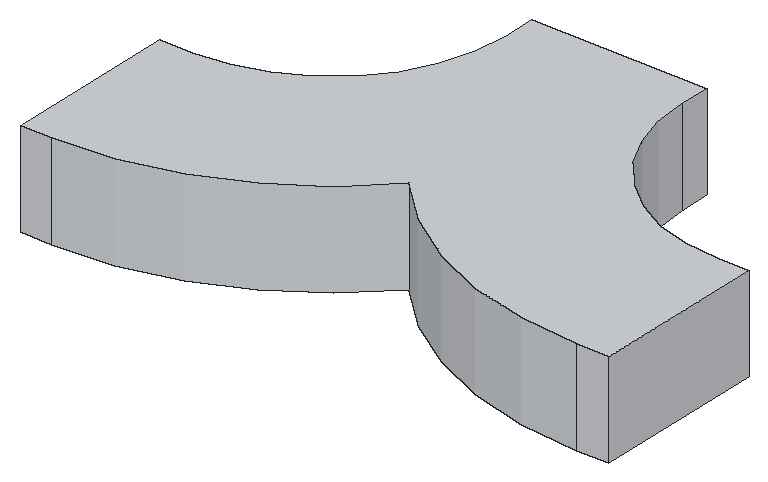
Revit family "M_Rectangular Wye - Curved", category Duct Fittings, Revit 2014
Parameters (values of type "Standard")
  Should Length [instance] = 100 mm
  Radius [instance] = Duct Width * 1.5  # 825 mm
  Duct Width [instance] = 550 mm
  Duct Height [instance] = 300 mm
Reference planes
  plane 1 "Center (Front/Back)": y = 0
  plane 2: z = 0
  plane 3 "Center (Left/Right)": x = 0
  plane 4: y = 825
  plane 5: x = -825
  plane 6: x = 825
  plane 7: x = -925
  plane 8: y = 925
  plane 9: x = 925
Forms (mm)
  Sweep 1, solid, detail levels medium+fine
    path in 3D
      loop
        arc (0, 825, 0) -> (-241.637, 241.637, 0) -> (-825, 0, 0) r 825
    profile "M_Duct - Rectangular : Duct - Rectangular" origin (-241.637, 241.637, 0) x (0.707107, -0.707107, 0) y (0, 0, 1)
      loop
        line (-275, 150) -> (-275, -150) -> (275, -150) -> (275, 150) -> (-275, 150)
  Sweep 2, solid, detail levels medium+fine
    path in 3D
      loop
        arc (825, 0, 0) -> (241.637, 241.637, 0) -> (0, 825, 0) r 825
    profile "M_Duct - Rectangular : Duct - Rectangular" origin (241.637, 241.637, 0) x (-0.707107, -0.707107, 0) y (0, 0, 1)
      loop
        line (-275, 150) -> (-275, -150) -> (275, -150) -> (275, 150) -> (-275, 150)
  Sweep 3, solid, detail levels medium+fine
    path in 3D
      loop
        line (-825, 0, 0) -> (-925, 0, 0)
    profile "M_Duct - Rectangular : Duct - Rectangular" origin (-875, 0, 0) x (0, -1, 0) y (0, 0, 1)
      loop
        line (-275, 150) -> (-275, -150) -> (275, -150) -> (275, 150) -> (-275, 150)
  Sweep 4, solid, detail levels medium+fine
    path in 3D
      loop
        line (0, 925, 0) -> (0, 825, 0)
    profile "M_Duct - Rectangular : Duct - Rectangular" origin (0, 875, 0) x (1, 0, 0) y (0, 0, 1)
      loop
        line (-275, 150) -> (-275, -150) -> (275, -150) -> (275, 150) -> (-275, 150)
  Sweep 5, solid, detail levels medium+fine
    path in 3D
      loop
        line (925, 0, 0) -> (825, 0, 0)
    profile "M_Duct - Rectangular : Duct - Rectangular" origin (875, 0, 0) x (0, -1, 0) y (0, 0, 1)
      loop
        line (-275, 150) -> (-275, -150) -> (275, -150) -> (275, 150) -> (-275, 150)
Cuts and joins
  joined: Sweep 1, Sweep 2, Sweep 3, Sweep 4, Sweep 5
Lines and regions (mm)
  model lines, detail levels coarse
    curve 1: arc (0, 825, 0) -> (-241.637, 241.637, 0) -> (-825, 0, 0) r 825
    curve 2: arc (825, 0, 0) -> (241.637, 241.637, 0) -> (0, 825, 0) r 825
    curve 5: line (-825, 0, 0) -> (-925, 0, 0)
    curve 6: line (0, 925, 0) -> (0, 825, 0)
    curve 7: line (925, 0, 0) -> (825, 0, 0)
  sketch lines
    curve 3: arc (0, 825, 0) -> (-241.637, 241.637, 0) -> (-825, 0, 0) r 825
    curve 4: arc (825, 0, 0) -> (241.637, 241.637, 0) -> (0, 825, 0) r 825
    curve 8: line (-825, 0, 0) -> (-925, 0, 0)
    curve 9: line (0, 925, 0) -> (0, 825, 0)
    curve 10: line (925, 0, 0) -> (825, 0, 0)
Dimensions and locks
  "Radius": plane 1 "Center (Front/Back)" to plane 4
  "Radius": plane 5 to plane 3 "Center (Left/Right)"
  "Radius": plane 3 "Center (Left/Right)" to plane 6
  "Should Length": plane 7 to plane 5
  "Should Length": plane 4 to plane 8
  "Should Length": plane 6 to plane 9
  "Radius": radius of curve 1
  "Radius": radius of curve 2
  aligned and locked: plane 4 to curve 1
  aligned and locked: plane 5 to curve 1
  aligned and locked: plane 4 to curve 2
  aligned and locked: plane 7 to curve 5
  aligned and locked: plane 5 to curve 5
  aligned and locked: curve 6 to plane 3 "Center (Left/Right)"
  aligned and locked: plane 8 to curve 6
  aligned and locked: plane 9 to curve 7
  aligned and locked: curve 7 to plane 1 "Center (Front/Back)"
Connectors
  hvac at (-925, 0, 0), driven by "Duct Height", driven by "Duct Width"
    settings: on Sweep 3, index 1, duct flow 0.0 L/s, flow factor 0, pres drop 0.0 Pa, loss coef 0, conn angle 0.00°, conn width 550 mm, conn height 300 mm, conn diameter 609.6 mm, duct sys type 28, conn prof type 1, flow config 0, flow direction 0, loss method 0, conn ref index -1, conn util no, is conn primary yes, conn desc ""
  hvac at (925, 0, 0), driven by "Duct Height", driven by "Duct Width"
    settings: on Sweep 5, index 2, duct flow 0.0 L/s, flow factor 0, pres drop 0.0 Pa, loss coef 0, conn angle 0.00°, conn width 550 mm, conn height 300 mm, conn diameter 609.6 mm, duct sys type 28, conn prof type 1, flow config 0, flow direction 0, loss method 0, conn ref index -1, conn util no, is conn primary no, conn desc ""
  hvac at (0, 925, 0), driven by "Duct Height", driven by "Duct Width"
    settings: on Sweep 4, index 3, duct flow 0.0 L/s, flow factor 0, pres drop 0.0 Pa, loss coef 0, conn angle 0.00°, conn width 550 mm, conn height 300 mm, conn diameter 609.6 mm, duct sys type 28, conn prof type 1, flow config 0, flow direction 0, loss method 0, conn ref index -1, conn util no, is conn primary no, conn desc ""
